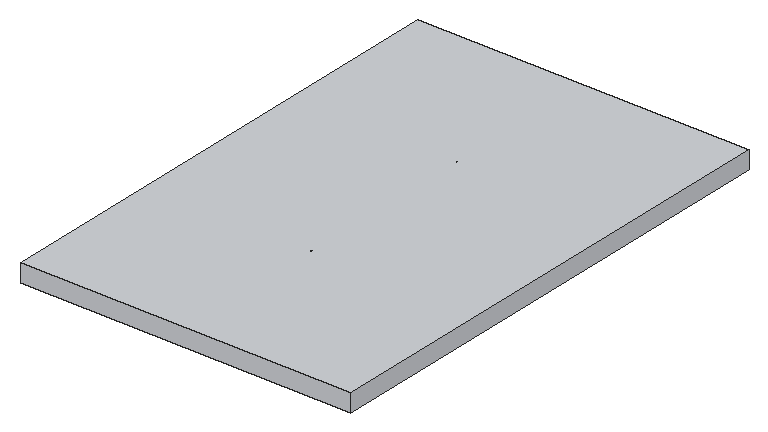
Revit family "ABRFB1180xxWS840LFA0450", category Leuchten, Revit 2019
Family settings
  Basisbauteil = Fläche
  Bemaßung runder Anschluss = Durchmesser verwenden
  Teiletyp = Normal
  OmniClass-Nummer = 23.80.70.11
  OmniClass-Titel = Luminaries for Internal Lighting
  Beim Laden mit Abzugskörper schneiden = Nein
  Lichtquelle = Ja
  Gemeinsam genutzt = Nein
  Raumberechnungspunkt = Nein
Parameters (values of type "ABRFB1180DAWS840LFA0450")
  width = 131 mm  # constant formula
  weight = "4,4"
  voltage type (AC, DC, UC) = "AC"
  suspension hight [instance] = 0 mm
  rated input power = 26.1  # 26
  product name = "ABRFB1180DAWS840LFA0450"
  nominal voltage = "230"
  nominal frequency = "50-60Hz"
  length = 1180 mm  # constant formula
  ingress protection (IP) code = "IP20"
  height = 60 mm  # constant formula
  electrical safety class = "1"
  control gear = ""
  conformity mark = "CE"  # constant formula
  brand = "RIDI"
  approval mark = ""
  built-in parameter 1150104 = 13.8 (stored number, unit not read)
  Wattage = 26.8948 W
  Von Breite des Rechtecks ausssenden = 1088 mm  # constant formula
  Von Länge des Rechtecks aussenden = 64 mm  # constant formula
  Default Elevation = 0 mm
  built-in parameter 1150113 = 1 (stored number, unit not read)
  built-in parameter 1114218 = 1 (stored number, unit not read)
  URL = "www.ridi.de"
  built-in parameter 1150134 = 12
  built-in parameter 1150109 = 1 (stored number, unit not read)
  built-in parameter 1150110 = 1 (stored number, unit not read)
  Apparent Load = 26.1 VA  # constant formula
  Tilt Angle = 90.00°
  Modell = "0637731"
  built-in parameter 1114217 = 1 (stored number, unit not read)
  built-in parameter 1150139 = (empty or 0)
  built-in parameter 1150105 = 317.91 (stored number, unit not read)
  built-in parameter 1150114 = 1 (stored number, unit not read)
  Lumens = 3995 lm
  built-in parameter 1150115 = 1 (stored number, unit not read)
  built-in parameter 1150112 = 1 (stored number, unit not read)
  Lampe = "LED"
  Hersteller = "RIDI Leuchten GmbH"  # constant formula
  Dimming Lamp Color Temperature Shift = (empty or 0)
  Color Filter = 16777215
  built-in parameter 1150133 = 10 (stored number, unit not read)
  Emit Shape Visible in Rendering = no
  built-in parameter 1150137 = (empty or 0)
  built-in parameter 1150132 = 2
  Datei für fotometrisches Netz = "ABRFB_LFA.IES"
  Copyright = "© RIDI. All rights reserved."  # constant formula
  built-in parameter 1150106 = 3.1791 (stored number, unit not read)
  Baugruppenkennzeichen = "D5020200"
  built-in parameter 1150107 = 4000 (stored number, unit not read)
  built-in parameter 1150102 = (empty or 0)
  built-in parameter 1150138 = (empty or 0)
Types (3, lengths in mm): name | product name | Modell
  (no name) | "ABRFB1180DAWS840LFA0450" | "0637731"
  ABRFB1180DAWS840LFA0450 | "ABRFB1180DAWS840LFA0450" | "0637731"
  ABRFB1180NDWS840LFA0450 | "ABRFB1180NDWS840LFA0450" | "0627731"
Reference planes
  plane 1 "Mitte (Vorne/hinten)": y = 0
  plane 2: z = 0
  plane 3 "Mitte (Links/rechts)": x = 0
  plane 4: z = 0
Forms (mm)
  Extrusion 1, solid
    sketch origin (219.2, 280.8, 0) x (1, 0, 0) y (0, 1, 0)
      loop
        line (-1219.2, 1219.2) -> (-1219.2, -1780.8) -> (780.8, -1780.8) -> (780.8, 1219.2) -> (-1219.2, 1219.2)
    from 0 to -107.307
  Extrusion 2, solid
    sketch origin (0, 0, 0) x (1, 0, 0) y (0, 1, 0)
      loop
        circle (0, 549.412) r 1
      loop
        circle (0, -550.203) r 1
    from -7.955 to 0
Dimensions and locks
  "suspension hight": plane 4 to Extrusion 1
  import instance to import instance = 1087.8 mm
  locked: Extrusion 1 to Extrusion 2 at 7.955
  aligned and locked: plane 2 to Extrusion 1
  aligned and locked: plane 4 to Extrusion 2
  aligned and locked: imposter light to import instance
  aligned and locked: import instance to plane 4
Automatic sketch dimensions
  Extrusion 1 sketch curve to Extrusion 1 sketch curve = 2000 mm
  Extrusion 1 sketch curve to Extrusion 1 sketch curve = 3000 mm
  Extrusion 2 sketch curve to plane 3 "Mitte (Links/rechts)" = 0 mm  (x2)
  plane 1 "Mitte (Vorne/hinten)" to Extrusion 2 sketch curve = 550.203 mm
  Extrusion 2 sketch curve to plane 1 "Mitte (Vorne/hinten)" = 549.412 mm
  radius of Extrusion 2 sketch curve = 1 mm  (x2)
Connectors
  electrical at (45.5, -12, 1.13), driven by "Apparent Load"
    settings: on import instance, index 1, voltage 230 V, apparent load 0 VA, apparent load phase1 26.1 VA, apparent load phase2 0 VA, apparent load phase3 0 VA, power factor 1, load classification "Inne", number of poles 1, system type 31, power factor state 1, is connector primary yes, connector utility no, sub classification motor no, connector description ""
